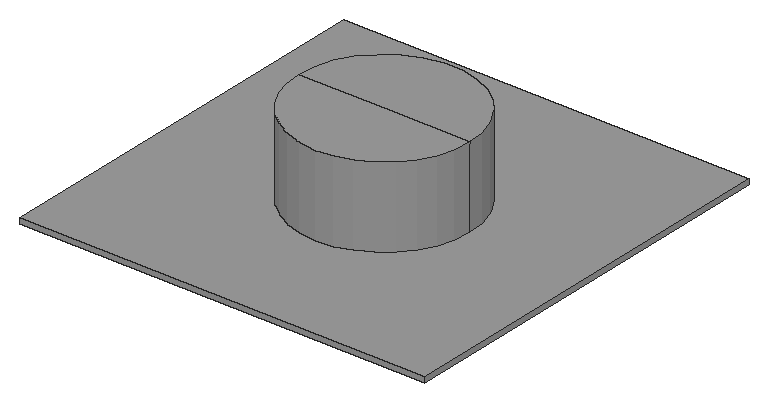
Revit family "Flashing_Preformed_Hyload_NutCover", category Generic Models, Revit 2014
Parameters (values of type "As Specified")
  Unit Width = 0' - 5"
  Unit Height = 0' - 1"
  Unit Depth = 0' - 5"
  URL = "http://www.hyload.com/"
  Thickness = 0' - 0 1/16"
  Specification = "http://www.arcat.com/sdspecs/htm04/07_65_00hyl.htm"
  Sales Information = "http://www.hyload.com/contact-us"
  Revision = "R1_12-2015"
  Product Properties = "http://www.hyload.com/masonry-flashing/preformed-shapes/"
  Product Data = "http://www.arcat.com/arcatcos/cos33/arc33176.html"
  Model = "Nut Cover"
  Manufacturer Website = "http://www.hyload.com/"
  Manufacturer Phone - Toll Free = "800-457-4056"
  Manufacturer Phone = "330-769-3546"
  Manufacturer Fax = "330-769-4153"
  Manufacturer Address = "5020 Panther Pkwy., Seville, OH 44273"
  Manufacturer = "Hyload"
  Keynote = "07 65 00"
  Hole Radius = 0' - 1"
  Flashing Material = Hyload Flashing Membrane - Grey
  Drawn By = "Robert S. Weygant / Sumex Design"
  Description = "Preformed Hyload Masonry Flashing - Nut Cover"
  Copyright = "(c) ARCAT, Inc, 2015"
  Construction Details = "http://www.arcat.com/details/hyload/hyload.html?coid=33176"
  Assembly Code = "B3010400"
Reference planes (in)
  plane 1 "Center (Front/Back)": y = 0
  plane 2: z = 0
  plane 3 "Center (Left/Right)": x = 0
  plane 4: y = 2.5
  plane 5: x = 2.5
  plane 6: z = 1
  plane 7: x = -2.5
  plane 8: y = -2.5
Forms (in)
  Extrusion 1, solid, material "Hyload Flashing Membrane - Grey" <- "Flashing Material"
    sketch origin (0, 0, 0) x (1, 0, 0) y (0, 1, 0)
      loop
        line (-2.5, 2.5) -> (-2.5, -2.5) -> (2.5, -2.5) -> (2.5, 2.5) -> (-2.5, 2.5)
      loop
        circle (0, 0) r 1
    from 0 to 0.0625 <- "Thickness"
  Revolve 2, solid, material "Hyload Flashing Membrane - Grey" <- "Flashing Material"
    sketch origin (0, 0, 0) x (1, 0, 0) y (0, 0, 1)
      loop
        line (0, 1) -> (0, 1.0625) -> (-1.0625, 1.0625) -> (-1.0625, 0.0625) -> (-1, 0.0625) -> (-1, 1) -> (0, 1)
      axis (0, 1.0625) -> (0, 0.0625)
    angle from 0 to 360
Dimensions and locks (in)
  "Unit Height": plane 6 to level
  equal spacing: plane 7, plane 3 "Center (Left/Right)", plane 5
  equal spacing: plane 4, plane 1 "Center (Front/Back)", plane 8
  "Unit Width": plane 7 to plane 5
  "Unit Depth": plane 4 to plane 8
  "Hole Radius": plane 3 "Center (Left/Right)" to Revolve 2 sketch curve
  "Thickness": Revolve 2 sketch curve to plane 6
  "Thickness": Revolve 2 sketch curve to Revolve 2 sketch curve
  "Hole Radius": radius of Extrusion 1 sketch curve
  aligned and locked: plane 2 to level
  aligned and locked: Extrusion 1 sketch curve to plane 4
  aligned and locked: Extrusion 1 sketch curve to plane 5
  aligned and locked: plane 8 to Extrusion 1 sketch curve
  aligned and locked: plane 7 to Extrusion 1 sketch curve
  aligned and locked: plane 1 "Center (Front/Back)" to Extrusion 1 sketch curve
  aligned and locked: plane 3 "Center (Left/Right)" to Extrusion 1 sketch curve
  aligned and locked: Revolve 2 sketch curve to plane 3 "Center (Left/Right)"  (x2)
  aligned and locked: plane 6 to Revolve 2 sketch curve
  aligned and locked: Extrusion 1 to Revolve 2 sketch curve
Automatic sketch dimensions
  Revolve 2 sketch curve to level = 2' - 0"
  Revolve 2 sketch curve to Revolve 2 sketch curve = 8' - 5.65632"
